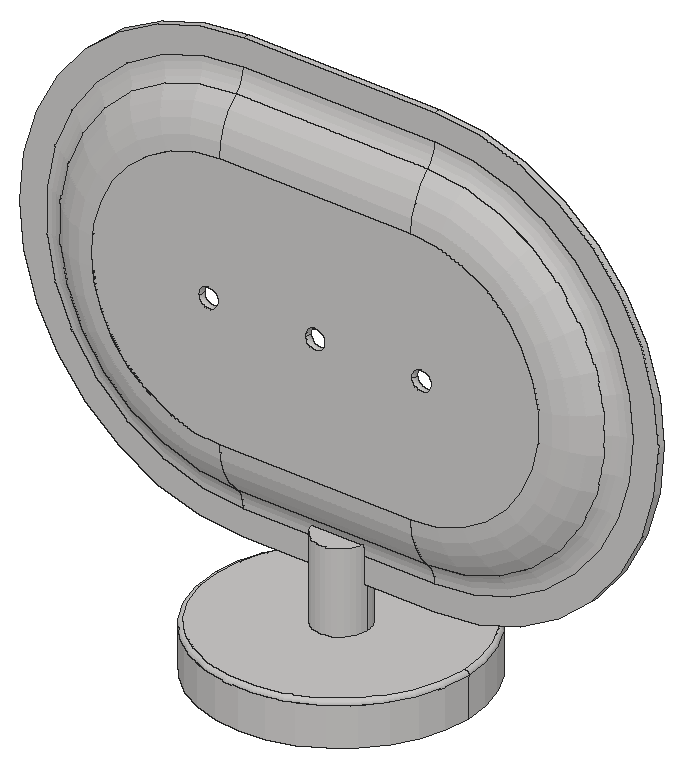
Revit family "PRD_FrankeWS_SpDshs_FIRMUSSoapTray_FIRX107HP", category Specialty Equipment, host Face, Revit 2018
Family settings
  Host = Face
  Round Connector Dimension = Use Diameter
  Part Type = Normal
  OmniClass Number = 23.40.20.21.34
  OmniClass Title = Soap Holders, Dispensers
  Cut with Voids When Loaded = No
  Shared = No
  Room Calculation Point = No
Parameters (values of type "FIRX107HP")
  WarrantyStartDate [instance] = "1900-12-31T23:59:59"
  WarrantyGuarantorParts = "n/a"
  WarrantyGuarantorLabor = "n/a"
  WarrantyDurationUnit = "year"
  WarrantyDurationParts = "n/a"
  WarrantyDurationLabor = "n/a"
  WarrantyDescription = "n/a"
  Version = "1"
  Uniclass2015Version = "Products v1.17"
  Uniclass2015Title = "Soap dishes"
  Uniclass2015Code = "Pr_40_20_76_82"
  URL = "www.kwc.com"
  TypeOfMounting = "Wall mounting"
  TypeOfFixing = "Screw"
  TrayMaterial = PRD_AR_StainlessSteel_HighPolished
  TagNumber [instance] = "n/a"
  SustainabilityPerformance = "n/a"
  Style = "Soap tray"
  Size = "140 x 60 x 125 mm"
  Shape = "n/a"
  SerialNumber [instance] = "n/a"
  Revision = "n/a"
  ReplacementCost = "n/a"
  ProductInformation = "https://pim.kwc.com/product/2000106285/attachment/datasheet?locale=en"
  NominalWidth = 140.00 mm
  NominalHeight = 60.00 mm
  NominalDepth = 125.00 mm
  NetWeight = 0.33 kg
  Name = "Soap Tray FIRX107HP"
  NBSTypeID = "n/a"
  NBSReference = "45-35-72/356"
  NBSOfficeMasterTag = "n/a"
  NBSNote = "n/a"
  NBSDescription = "Soap dishes"
  NBSCertification = "n/a"
  ModelReference = "FIRX107HP"
  ModelNumber = "2000106285"
  Model = ModelReference  # "FIRX107HP"
  MaterialCode = "1.4301"
  Material = "stainless steel"
  ManufacturerURL = "www.kwc.com"
  ManufacturerName = "KWC Group AG"  # constant formula
  Manufacturer = ManufacturerName  # "KWC Group AG"
  MainColor = "stainless steel"
  IsBuiltIn = "TRUE"
  IntegralAccessories = "incl. stainless steel screws and dowels"
  InstallationDate [instance] = "1900-12-31T23:59:59"
  IfcExportType = "USERDEFINED"
  IfcExportAs = "IfcFurnitureType"
  HolderMaterial = PRD_AR_StainlessSteel_HighPolished
  GrossWeight = 0.35 kg
  Grade = "n/a"
  Finish = "high polished"
  Features = "stainless steel, surface high polished"
  ExpectedLife = "n/a"
  DurationUnit = "year"
  Description = "Soap dish for wall mounting, 304 stainless steel, round covers with drilled hole on bottom for fixation, inclusive stainless steel screws and dowels."
  Default Elevation = 1200.00 mm
  CreateOn = "05/2020"  # constant formula
  Constituents = "n/a"
  Color = "n/a"
  CodePerformance = "n/a"
  Category = "Pr_40_20_76_82, Soap dishes"
  BarCode [instance] = "n/a"
  BIMObjectName = "PRD_AR_SoapDishes_FIRMUSSoapTray_FIRX107HP"
  Author = "Archispace"  # constant formula
  AssetType = "Fixed"
  AssetIdentifier [instance] = "n/a"
  AccessibilityPerformance = "n/a"
Reference planes
  plane 1 "Center (Front/Back)": y = 0
  plane 2: z = 0
  plane 3 "Center (Left/Right)": x = 0
Forms (mm)
  Extrusion 1, solid, material "PRD_AR_StainlessSteel_HighPolished" <- "HolderMaterial", detail levels fine
    sketch origin (273, 0, 0) x (1, 0, 0) y (0, 1, 0)
      loop
        circle (-273, 0) r 30
    from 0 to 10
  Extrusion 2, solid, material "PRD_AR_StainlessSteel_HighPolished" <- "HolderMaterial", detail levels medium
    sketch origin (273, 0, 0) x (1, 0, 0) y (0, 1, 0)
      loop
        circle (-273, 0) r 30
    from 0 to 10
  Sweep 3, void
    path in 3D
      loop
        arc (-30, 0, 10) -> (0, 30, 10) -> (30, 0, 10) r 30
        arc (30, 0, 10) -> (0, -30, 10) -> (-30, 0, 10) r 30
    profile origin (0, -30, 10) x (0, -1, 0) y (0, 0, 1)
      loop
        line (0, 0) -> (-1, 0)
        arc (-1, 0) -> (-0.293, -0.293) -> (0, -1) r 1
        line (0, -1) -> (0, 0)
  Extrusion 4, solid, material "PRD_AR_StainlessSteel_HighPolished" <- "HolderMaterial", detail levels fine
    sketch origin (0, 0, 0) x (1, 0, 0) y (0, 1, 0)
      loop
        circle (0, 0) r 6
    from 10 to 28.5
  Extrusion 5, solid, material "PRD_AR_StainlessSteel_HighPolished" <- "TrayMaterial", detail levels medium
    sketch origin (0, 0, 0) x (1, 0, 0) y (0, 1, 0)
      loop
        circle (0, 0) r 6
    from 10 to 28.5
  Revolve 6, solid, material "PRD_AR_StainlessSteel_HighPolished" <- "TrayMaterial", detail levels fine
    sketch origin (0, 0, 72.5) x (1, 0, 0) y (0, 1, 0)
      loop
        line (-69, 1) -> (-75, 1) -> (-75, -0.5) -> (-69, -0.5)
        arc (-69, -0.5) -> (-66.347, -1.042) -> (-64.118, -2.581) r 6.767
        arc (-64.118, -2.581) -> (-58.85, -6.219) -> (-52.576, -7.5) r 16
        line (-52.576, -7.5) -> (-22.5, -7.5) -> (-22.5, -6) -> (-52.576, -6)
        arc (-52.576, -6) -> (-58.262, -4.839) -> (-63.036, -1.542) r 14.5
        arc (-63.036, -1.542) -> (-65.759, 0.338) -> (-69, 1) r 8.267
      axis (-22.5, -7.5) -> (-22.5, 1)
    angle from -90 to 90
  Revolve 7, solid, material "PRD_AR_StainlessSteel_HighPolished" <- "TrayMaterial", detail levels fine
    sketch origin (0, 0, 72.5) x (-1, 0, 0) y (0, -1, 0)
      loop
        arc (-69, -1) -> (-65.759, -0.338) -> (-63.036, 1.542) r 8.267
        arc (-63.036, 1.542) -> (-58.262, 4.839) -> (-52.576, 6) r 14.5
        line (-52.576, 6) -> (-22.5, 6) -> (-22.5, 7.5) -> (-52.576, 7.5)
        arc (-52.576, 7.5) -> (-58.85, 6.219) -> (-64.118, 2.581) r 16
        arc (-64.118, 2.581) -> (-66.347, 1.042) -> (-69, 0.5) r 6.767
        line (-69, 0.5) -> (-75, 0.5) -> (-75, -1) -> (-69, -1)
      axis (-22.5, 7.5) -> (-22.5, -1)
    angle from -90 to 90
  Extrusion 8, solid, material "PRD_AR_StainlessSteel_HighPolished" <- "TrayMaterial", detail levels fine
    sketch origin (0, 0, 0) x (0, 1, 0) y (0, 0, 1)
      loop
        line (1, 119) -> (1, 125) -> (-0.5, 125) -> (-0.5, 119)
        arc (-0.5, 119) -> (-1.042, 116.347) -> (-2.581, 114.118) r 6.767
        arc (-2.581, 114.118) -> (-6.219, 108.85) -> (-7.5, 102.576) r 16
        line (-7.5, 102.576) -> (-7.5, 72.5) -> (-7.5, 42.424)
        arc (-7.5, 42.424) -> (-6.219, 36.15) -> (-2.581, 30.882) r 16
        arc (-2.581, 30.882) -> (-1.042, 28.653) -> (-0.5, 26) r 6.767
        line (-0.5, 26) -> (-0.5, 20) -> (1, 20) -> (1, 26)
        arc (1, 26) -> (0.338, 29.241) -> (-1.542, 31.964) r 8.267
        arc (-1.542, 31.964) -> (-4.839, 36.738) -> (-6, 42.424) r 14.5
        line (-6, 42.424) -> (-6, 72.5) -> (-6, 102.576)
        arc (-6, 102.576) -> (-4.839, 108.262) -> (-1.542, 113.036) r 14.5
        arc (-1.542, 113.036) -> (0.338, 115.759) -> (1, 119) r 8.267
    from 22.5 to -22.5
  Revolve 9, void
    sketch origin (0, 0, 72.5) x (1, 0, 0) y (0, 1, 0)
      loop
        line (0, -5.5) -> (-3, -5.5)
        arc (-3, -5.5) -> (-2.057, -6.75) -> (-3, -8) r 1.3
        line (-3, -8) -> (0, -8) -> (0, -5.5)
      axis (0, -5.5) -> (0, -8)
    angle from 0 to 360
  Revolve 10, void
    sketch origin (-25, 0, 72.5) x (1, 0, 0) y (0, 1, 0)
      loop
        line (0, -5.5) -> (-3, -5.5)
        arc (-3, -5.5) -> (-2.057, -6.75) -> (-3, -8) r 1.3
        line (-3, -8) -> (0, -8) -> (0, -5.5)
      axis (0, -5.5) -> (0, -8)
    angle from 0 to 360
  Revolve 11, void
    sketch origin (25, 0, 72.5) x (1, 0, 0) y (0, 1, 0)
      loop
        line (0, -5.5) -> (-3, -5.5)
        arc (-3, -5.5) -> (-2.057, -6.75) -> (-3, -8) r 1.3
        line (-3, -8) -> (0, -8) -> (0, -5.5)
      axis (0, -5.5) -> (0, -8)
    angle from 0 to 360
  Extrusion 12, void
    sketch origin (0, 0, 0) x (0, 1, 0) y (0, 0, 1)
      loop
        line (-0.75, 20) -> (1.25, 20) -> (1.25, 30) -> (-0.75, 30) -> (-0.75, 20)
    from 9 to -8.21
  Extrusion 13, solid, material "PRD_AR_StainlessSteel_HighPolished" <- "TrayMaterial", detail levels medium
    sketch origin (0, 0, 0) x (1, 0, 0) y (0, 0, 1)
      loop
        line (-22.5, 20) -> (22.5, 20)
        arc (22.5, 20) -> (75, 72.5) -> (22.5, 125) r 52.5
        line (22.5, 125) -> (-22.5, 125)
        arc (-22.5, 125) -> (-75, 72.5) -> (-22.5, 20) r 52.5
    from 7.5 to -1
  Extrusion 14, solid, material "PRD_AR_StainlessSteel_HighPolished" <- "TrayMaterial", detail levels coarse
    sketch origin (0, 0, 0) x (1, 0, 0) y (0, 0, 1)
      loop
        line (22.5, 125) -> (-22.5, 125)
        arc (-22.5, 125) -> (-59.623, 109.623) -> (-75, 72.5) r 52.5
        line (-75, 72.5) -> (-75, 0) -> (75, 0) -> (75, 72.5)
        arc (75, 72.5) -> (59.623, 109.623) -> (22.5, 125) r 52.5
    from 30 to -30
Cuts and joins
  Sweep 3 cuts Extrusion 1
  Revolve 10, Revolve 11 cuts Revolve 6
  Revolve 10, Revolve 11 cuts Revolve 7
  Revolve 9, Revolve 10, Revolve 11 cuts Extrusion 8
  joined: Revolve 6, Revolve 7, Extrusion 8
  Extrusion 12 cuts Extrusion 4
  joined: Extrusion 5, Extrusion 13
Lines and regions (mm)
  sketch lines
    curve 1: arc (30, 0, 10) -> (0, -30, 10) -> (-30, 0, 10) r 30
    curve 2: arc (-30, 0, 10) -> (0, 30, 10) -> (30, 0, 10) r 30
Dimensions and locks
  aligned and locked: plane 2 to host face
  aligned and locked: level to host face
